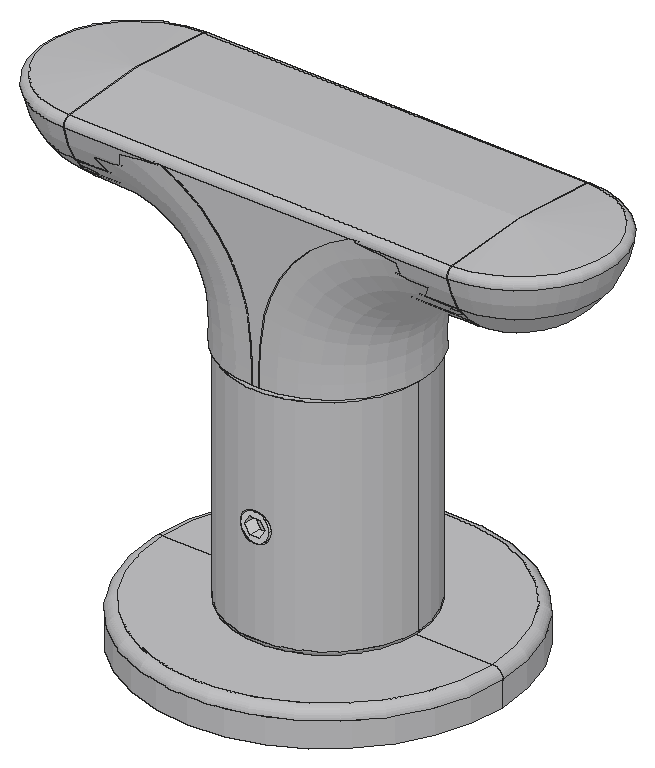
Revit family "Accessory-Robe_Hook-KALLISTA-Capsule-P34139_1", category Specialty Equipment, host Face, Revit 2021
Family settings
  Host = Face
  Round Connector Dimension = Use Diameter
  Part Type = Normal
  OmniClass Number = 23.31.25.27
  OmniClass Title = Robe Hooks
  Cut with Voids When Loaded = No
  Shared = No
  Room Calculation Point = No
Parameters (values of type "CP-Chrome")
  Width = 2 129/256"  # constant formula
  WaterSense Certified = 1 = 0  # no
  URL = "https://www.kallista.com/"
  Type = 1
  Product Page URL = ""
  Product Name = "Capsule"  # constant formula
  Product Documentation Link = ""
  Model = if(Type = 1, "P34139-00-CP", if(Type = 2, "P34139-00-SN", if(Type = 3, "P34139-00-BAF", if(Type = 4, "P34139-00-BL", if(Type = 5, "P34139-00-BN", "NA")))))  # "P34139-00-CP"
  Material = "Premium Metal Construction"  # constant formula
  Master Format 2014 Name = "Toilet, Bath, and Laundry Accessories"  # constant formula
  Master Format 2014 = "10 28 00"  # constant formula
  Manufacturer Address = "444 Highland Dr, Kohler, WI 53044"  # constant formula
  Manufacturer = "Kallista Co."  # constant formula
  Length = 3 41/256"  # constant formula
  Height = 1 31/32"  # constant formula
  Finish = Kallista-Metal-CP-Chrome
  Environmental Product Declaration = ""
  Description = "Capsule Hook"  # constant formula
  Default Elevation = 42"
  Declare Label = ""
  Date Modified = "08/31/2023"  # constant formula
  Date Created = "08/31/2023"  # constant formula
  Copyright = "Copyright Kallista Co."  # constant formula
  Contact Us = "https://www.kallista.com/corporate/contact-us/"
  Assembly Code = "C1030200"
  ADA Compliant = 1 = 0  # no
Types (6): name | Type | Model | Finish
  (no name) | 1 | "P34139-00-CP" | Kallista-Metal-CP-Chrome
  CP-Chrome | 1 | "P34139-00-CP" | Kallista-Metal-CP-Chrome
  SN-Polished Nickel | 2 | "P34139-00-SN" | Kallista-Metal-SN-Polished_Nickel
  BAF-Brushed French Gold | 3 | "P34139-00-BAF" | Kallista-Metal-BAF-Brushed_French_Gold
  BL-Matte Black | 4 | "P34139-00-BL" | Kalista-Metal-BL-Matte_Black
  BN-Brushed Nickel | 5 | "P34139-00-BN" | Kallista-Metal-BN-Brushed_Nickel
Reference planes (in)
  plane 1 "Center (Front/Back)": y = 0
  plane 2: z = 0
  plane 3 "Center (Left/Right)": x = 0
  plane 4: y = 0.98425
  plane 5: y = -0.9845
  plane 6: x = 1.58071
  plane 7: x = -1.57945
  plane 8: y = -0.50984
  plane 9: x = 0.98425
  plane 10: x = -0.98425
  plane 11: y = 0.50984
  plane 12: z = 0.19685
  plane 13: z = 2.50391
  plane 14: z = 2.46968
Dimensions and locks (in)
  "Length": plane 7 to plane 6
  "Height": plane 4 to plane 5
  plane 10 to plane 9 = 1.9685"
  plane 11 to plane 8 = 1.01969"  (x2)
  level to plane 12 = 0.19685"
  "Width": level to plane 13
  plane 4 to plane 5 = 1 31/32"
  level to plane 13 = 2 129/256"
  plane 12 to level = 0.19685"
  plane 7 to plane 6 = 3 41/256"
  aligned and locked: plane 2 to host face
  aligned and locked: level to host face
Automatic sketch dimensions
  host sketch curve to host sketch curve = 96"  (x2)
Nested families (in)
  nested 1: "P34139" at (0, 0, 0), type "P34139"
Definition of nested family "P34139"
  Parameters
    Material = none
    Default Elevation = 0"
  Reference planes (in)
    plane 1 "Center (Front/Back)": y = 0
    plane 2: z = 0
    plane 3 "Center (Left/Right)": x = 0
    plane 4: y = -0.98425
    plane 5: y = 0.98425
    plane 6: x = -0.98425
    plane 7: x = 0.98425
    plane 8: y = 0.50984
    plane 9: y = -0.50984
    plane 10: z = 2.50394
    plane 11: x = -0.50984
    plane 12: x = 0.50984
    plane 13: z = 0.19685
    plane 14: x = -1.58071
    plane 15: x = 1.58071
  Forms (in)
    Extrusion 1, solid, material <- "Material", detail levels medium+fine
      sketch origin (0, 0, 0) x (0, 1, 0) y (0, 0, 1)
        loop
          arc (-0.43105, 2.23132) -> (0, 1.99782) -> (0.43105, 2.23132) r 0.51461
          arc (0.43105, 2.23132) -> (0.47877, 2.32192) -> (0.50891, 2.41978) r 0.55101
          arc (0.50891, 2.41978) -> (0.5019, 2.45276) -> (0.47284, 2.46986) r 0.04182
          arc (0.47284, 2.46986) -> (-0.00057, 2.50394) -> (-0.47398, 2.46971) r 3.29782
          arc (-0.47398, 2.46971) -> (-0.50224, 2.45229) -> (-0.50891, 2.41978) r 0.04182
          arc (-0.50891, 2.41978) -> (-0.47877, 2.32192) -> (-0.43105, 2.23132) r 0.55101
      from -1.07904 to 1.07904
    Revolve 2, solid, material <- "Material", detail levels medium+fine
      sketch origin (0, 0, 0) x (1, 0, 0) y (0, 0, 1)
        loop
          line (0, 0) -> (0.98425, 0) -> (0.98425, 0.13849)
          arc (0.98425, 0.13849) -> (0.96716, 0.17976) -> (0.92589, 0.19685) r 0.05837
          line (0.92589, 0.19685) -> (0.49247, 0.19685)
          arc (0.49247, 0.19685) -> (0.50508, 0.20675) -> (0.50984, 0.22205) r 0.02696
          line (0.50984, 0.22205) -> (0.50984, 1.47625)
          arc (0.50984, 1.47625) -> (0.5038, 1.49084) -> (0.48921, 1.49688) r 0.02063
          line (0.48921, 1.49688) -> (0, 1.49688) -> (0, 0)
        axis (0, 0) -> (0, 1.49688)
      angle from 0 to 360
    Sweep 3, solid, material <- "Material", detail levels medium+fine
      path origin (-0.02461, 0, 0) x (1, 0, 0) y (0, 0, 1)
        loop
          spline (-0.50678, 1.4986) -> (-0.50601, 1.54782) -> (-0.50535, 1.6018) -> (-0.50724, 1.65869) -> (-0.51412, 1.71664) -> (-0.52843, 1.77383) -> (-0.55262, 1.8284) -> (-0.58914, 1.87851) -> (-0.64042, 1.92233) -> (-0.70892, 1.95801) -> (-0.79707, 1.98371) -> (-0.90733, 1.9976) -> (-1.04213, 1.99782)
      profile origin (-0.53138, 0, 1.4986) x (-1, 0, 0) y (0, -1, 0)
        loop
          line (-0.50937, 0.50984) -> (-0.50937, -0.50984)
          arc (-0.50937, -0.50984) -> (0.00047, 0) -> (-0.50937, 0.50984) r 0.50984
    Revolve 4, solid, material <- "Material", detail levels medium+fine
      sketch origin (1.07904, 0, 0) x (0, 1, 0) y (0, 0, 1)
        loop
          arc (0, 2.50394) -> (-0.23761, 2.49537) -> (-0.47398, 2.46971) r 3.29782
          arc (-0.47398, 2.46971) -> (-0.50224, 2.45229) -> (-0.50891, 2.41978) r 0.04182
          arc (-0.50891, 2.41978) -> (-0.47877, 2.32192) -> (-0.43105, 2.23132) r 0.55101
          arc (-0.43105, 2.23132) -> (-0.24512, 2.05994) -> (0, 1.99782) r 0.51461
          line (0, 1.99782) -> (0, 2.50394)
        axis (0, 2.50394) -> (0, 1.99782)
      angle from 360 to 180
    Revolve 5, solid, material <- "Material", detail levels medium+fine
      sketch origin (-1.07904, 0, 0) x (0, 1, 0) y (0, 0, -1)
        loop
          line (0, -2.50394) -> (0, -1.99782)
          arc (0, -1.99782) -> (-0.24512, -2.05994) -> (-0.43105, -2.23132) r 0.51461
          arc (-0.43105, -2.23132) -> (-0.47877, -2.32192) -> (-0.50891, -2.41978) r 0.55101
          arc (-0.50891, -2.41978) -> (-0.50224, -2.45229) -> (-0.47398, -2.46971) r 0.04182
          arc (-0.47398, -2.46971) -> (-0.23761, -2.49537) -> (0, -2.50394) r 3.29782
        axis (0, -2.50394) -> (0, -1.99782)
      angle from 360 to 180
    Sweep 6, solid, material <- "Material", detail levels medium+fine
      path origin (0.02461, 0, 0) x (-1, 0, 0) y (0, 0, -1)
        loop
          spline (-0.50678, -1.4986) -> (-0.50601, -1.54782) -> (-0.50535, -1.6018) -> (-0.50724, -1.65869) -> (-0.51412, -1.71664) -> (-0.52843, -1.77383) -> (-0.55262, -1.8284) -> (-0.58914, -1.87851) -> (-0.64042, -1.92233) -> (-0.70892, -1.95801) -> (-0.79707, -1.98371) -> (-0.90733, -1.9976) -> (-1.04213, -1.99782)
      profile origin (0.53138, 0, 1.4986) x (-1, 0, 0) y (0, -1, 0)
        loop
          arc (0.50937, 0.50984) -> (-0.00047, 0) -> (0.50937, -0.50984) r 0.50984
          line (0.50937, -0.50984) -> (0.50937, 0.50984)
    Extrusion 7, void
      sketch origin (0, 0, 0) x (1, 0, 0) y (0, 0, 1)
        loop
          line (-1.18884, 2.71637) -> (-1.18884, 2.42243) -> (1.25189, 2.42243) -> (1.25189, 2.71637) -> (-1.18884, 2.71637)
      from -1.01342 to 0.94216
    Extrusion 8, solid, material <- "Material", detail levels medium+fine
      sketch origin (0, 0, 0) x (1, 0, 0) y (0, 0, 1)
        loop
          line (-0.02201, 1.4986) -> (0.02201, 1.4986)
          spline (0.02201, 1.4986) -> (0.02165, 1.52377) -> (0.02083, 1.56576) -> (0.02073, 1.62142) -> (0.0234, 1.68949) -> (0.03133, 1.76916) -> (0.04842, 1.85997) -> (0.07902, 1.96094) -> (0.12766, 2.06801) -> (0.19834, 2.17559) -> (0.29115, 2.27512) -> (0.40173, 2.35836) -> (0.52389, 2.42243)
          line (0.52389, 2.42243) -> (-0.52389, 2.42243)
          spline (-0.52389, 2.42243) -> (-0.40173, 2.35836) -> (-0.29115, 2.27512) -> (-0.19834, 2.17559) -> (-0.12766, 2.06801) -> (-0.07902, 1.96094) -> (-0.04842, 1.85997) -> (-0.03133, 1.76916) -> (-0.0234, 1.68949) -> (-0.02073, 1.62142) -> (-0.02083, 1.56576) -> (-0.02165, 1.52377) -> (-0.02201, 1.4986)
      from -0.50984 to 0.50984
    Extrusion 9, solid, detail levels medium+fine
      sketch origin (0, 0, 0) x (1, 0, 0) y (0, 0, 1)
        loop
          line (0.02841, 0.83661) -> (-0.02841, 0.83661) -> (-0.05683, 0.7874) -> (-0.02841, 0.73819) -> (0.02841, 0.73819) -> (0.05683, 0.7874) -> (0.02841, 0.83661)
        loop
          arc (-0.07874, 0.7874) -> (-0.05568, 0.73172) -> (0, 0.70866) r 0.07874
          arc (0, 0.70866) -> (0.05568, 0.73172) -> (0.07874, 0.7874) r 0.07874
          arc (0.07874, 0.7874) -> (0.05568, 0.84308) -> (0, 0.86614) r 0.07874
          arc (0, 0.86614) -> (-0.05568, 0.84308) -> (-0.07874, 0.7874) r 0.07874
      from 0.40551 to 0.51052
    Blend 10, void
      base sketch origin (0, 0, 0) x (1, 0, 0) y (0, 0, 1)
        loop
          circle (0, 0.7874) r 0.10365
      top sketch origin (0, 0, 0) x (1, 0, 0) y (0, 0, 1)
        loop
          circle (0, 0.7874) r 0.08283
      from 0.44081 to 0.51941
    Revolve 11, solid, material <- "Material", detail levels coarse
      sketch origin (0, 0, 0) x (1, 0, 0) y (0, 0, 1)
        loop
          line (0, 2.45105) -> (-0.50984, 2.45105) -> (-0.50984, 0.19685) -> (-0.98425, 0.19685) -> (-0.98425, 0) -> (0, 0) -> (0, 2.45105)
        axis (0, 2.45105) -> (0, 0)
      angle from 0 to 360
    Extrusion 12, solid, material <- "Material", detail levels coarse
      sketch origin (0, 0, 0) x (1, 0, 0) y (0, 1, 0)
        loop
          line (1.06903, 0.50984) -> (-1.07245, 0.50984)
          arc (-1.07245, 0.50984) -> (-1.58229, 0) -> (-1.07245, -0.50984) r 0.50984
          line (-1.07245, -0.50984) -> (1.06903, -0.50984)
          arc (1.06903, -0.50984) -> (1.57888, 0) -> (1.06903, 0.50984) r 0.50984
      from 1.97274 to 2.49054
    Extrusion 13, solid, detail levels coarse
      sketch origin (0.00308, 0, -0.00308) x (1, 0, 0) y (0, 0, 1)
        loop
          circle (-0.00301, 0.79128) r 0.08352
      from 0.45401 to 0.50984
  Cuts and joins
    joined: Revolve 4, Revolve 5, Extrusion 8
    Extrusion 7 cuts Sweep 3
    Extrusion 7 cuts Sweep 6
    joined: Sweep 3, Sweep 6
    Blend 10 cuts Revolve 2
    joined: Revolve 11, Extrusion 12
  Lines and regions (in)
    Masking region 1
      outline origin (0, 0, 0) x (1, 0, 0) y (0, 1, 0)
        loop
          arc (-0.85961, -0.50984) -> (0, -0.98425) -> (0.85961, -0.50984) r 1.016
          line (0.85961, -0.50984) -> (1.07006, -0.50984)
          arc (1.07006, -0.50984) -> (1.5799, 0) -> (1.07006, 0.50984) r 0.50984
          line (1.07006, 0.50984) -> (0.85961, 0.50984)
          arc (0.85961, 0.50984) -> (0, 0.98425) -> (-0.85961, 0.50984) r 1.016
          line (-0.85961, 0.50984) -> (-1.07188, 0.50984)
          arc (-1.07188, 0.50984) -> (-1.58173, 0) -> (-1.07188, -0.50984) r 0.50984
          line (-1.07188, -0.50984) -> (-0.85961, -0.50984)
    Masking region 2
      outline origin (0, 0, 0) x (1, 0, 0) y (0, 0, 1)
        loop
          line (1.14192, 2.50394) -> (-1.14192, 2.50394)
          arc (-1.14192, 2.50394) -> (-1.27407, 2.49941) -> (-1.4056, 2.48585) r 1.93105
          arc (-1.4056, 2.48585) -> (-1.4736, 2.47713) -> (-1.54174, 2.46968) r 3.65358
          arc (-1.54174, 2.46968) -> (-1.57203, 2.45261) -> (-1.57994, 2.41876) r 0.04322
          arc (-1.57994, 2.41876) -> (-1.40342, 2.11783) -> (-1.07542, 1.99897) r 0.51392
          line (-1.07542, 1.99897) -> (-0.85338, 1.99897)
          arc (-0.85338, 1.99897) -> (-0.61046, 1.89835) -> (-0.50984, 1.65544) r 0.34353
          line (-0.50984, 1.65544) -> (-0.50984, 1.51651)
          arc (-0.50984, 1.51651) -> (-0.50405, 1.50253) -> (-0.49008, 1.49674) r 0.01977
          arc (-0.49008, 1.49674) -> (-0.50407, 1.49098) -> (-0.50984, 1.47705) r 0.01969
          line (-0.50984, 1.47705) -> (-0.50984, 0.22464)
          arc (-0.50984, 0.22464) -> (-0.50564, 0.20867) -> (-0.49412, 0.19685) r 0.03242
          line (-0.49412, 0.19685) -> (-0.92865, 0.19685)
          arc (-0.92865, 0.19685) -> (-0.96797, 0.18056) -> (-0.98425, 0.14124) r 0.05561
          line (-0.98425, 0.14124) -> (-0.98425, 0) -> (0.98425, 0) -> (0.98425, 0.14386)
          arc (0.98425, 0.14386) -> (0.96873, 0.18133) -> (0.93127, 0.19685) r 0.05299
          line (0.93127, 0.19685) -> (0.49412, 0.19685)
          arc (0.49412, 0.19685) -> (0.50564, 0.20867) -> (0.50984, 0.22464) r 0.03242
          line (0.50984, 0.22464) -> (0.50984, 1.47705)
          arc (0.50984, 1.47705) -> (0.50407, 1.49098) -> (0.49015, 1.49674) r 0.01969
          arc (0.49015, 1.49674) -> (0.50405, 1.50253) -> (0.50984, 1.51651) r 0.01977
          line (0.50984, 1.51651) -> (0.50984, 1.65544)
          arc (0.50984, 1.65544) -> (0.61046, 1.89835) -> (0.85338, 1.99897) r 0.34353
          line (0.85338, 1.99897) -> (1.07542, 1.99897)
          arc (1.07542, 1.99897) -> (1.40342, 2.11783) -> (1.57994, 2.41876) r 0.51392
          arc (1.57994, 2.41876) -> (1.57203, 2.45261) -> (1.54174, 2.46968) r 0.04322
          arc (1.54174, 2.46968) -> (1.4736, 2.47713) -> (1.4056, 2.48585) r 3.65358
          arc (1.4056, 2.48585) -> (1.27407, 2.49941) -> (1.14192, 2.50394) r 1.93105
    Masking region 3
      outline origin (0, 0, 0) x (0, 1, 0) y (0, 0, 1)
        loop
          arc (-0.5087, 2.41911) -> (-0.5022, 2.45237) -> (-0.47317, 2.46982) r 0.04171
          arc (-0.47317, 2.46982) -> (-0.34811, 2.48388) -> (-0.22278, 2.49513) r 5.61229
          arc (-0.22278, 2.49513) -> (0.00342, 2.50399) -> (0.22962, 2.49513) r 2.89125
          arc (0.22962, 2.49513) -> (0.34906, 2.48413) -> (0.46816, 2.46989) r 4.42546
          arc (0.46816, 2.46989) -> (0.49795, 2.45392) -> (0.50984, 2.42228) r 0.04803
          line (0.50984, 2.42228) -> (0.50984, 1.51666)
          arc (0.50984, 1.51666) -> (0.50405, 1.50266) -> (0.48989, 1.49687) r 0.01979
          arc (0.48989, 1.49687) -> (0.504, 1.49102) -> (0.50984, 1.47691) r 0.01996
          line (0.50984, 1.47691) -> (0.50984, 0.21702)
          arc (0.50984, 0.21702) -> (0.504, 0.20282) -> (0.48985, 0.19685) r 0.02017
          line (0.48985, 0.19685) -> (0.92596, 0.19685)
          arc (0.92596, 0.19685) -> (0.96718, 0.17978) -> (0.98425, 0.13856) r 0.05829
          line (0.98425, 0.13856) -> (0.98425, 0) -> (-0.98425, 0) -> (-0.98425, 0.13819)
          arc (-0.98425, 0.13819) -> (-0.96707, 0.17967) -> (-0.92559, 0.19685) r 0.05866
          line (-0.92559, 0.19685) -> (-0.4895, 0.19685)
          arc (-0.4895, 0.19685) -> (-0.50387, 0.20269) -> (-0.50984, 0.21702) r 0.02017
          line (-0.50984, 0.21702) -> (-0.50984, 1.47593)
          arc (-0.50984, 1.47593) -> (-0.50371, 1.49073) -> (-0.48891, 1.49687) r 0.02093
          arc (-0.48891, 1.49687) -> (-0.50392, 1.50279) -> (-0.50984, 1.51708) r 0.02021
          line (-0.50984, 1.51708) -> (-0.50984, 2.42435)
    symbolic lines, detail levels medium+fine
      curve 1: arc (1.07006, -0.47835, 0) -> (1.54841, 0, 0) -> (1.07006, 0.47835, 0) r 0.47835
      curve 2: arc (-1.07188, 0.47835, 0) -> (-1.55023, 0, 0) -> (-1.07188, -0.47835, 0) r 0.47835
      curve 3: line (0.96484, -0.50984, 0) -> (-0.98549, -0.50984, 0)
      curve 4: line (0.96149, 0.50984, 0) -> (-0.96575, 0.50984, 0)
      curve 5: line (1.07006, 0.47835, 0) -> (-1.07188, 0.47835, 0)
      curve 6: line (1.07006, -0.47835, 0) -> (-1.07188, -0.47835, 0)
      curve 7: arc (0.77288, 0.50984, 0) -> (0.0033, 0.91865, 0) -> (-0.76628, 0.50984, 0) r 0.92877
      curve 8: arc (0.78617, -0.50984, 0) -> (0.0033, -0.92005, 0) -> (-0.77957, -0.50984, 0) r 0.95214
      curve 9: line (1.07006, -0.47835, 0) -> (1.07006, 0.47835, 0)
      curve 10: line (-1.07188, -0.47835, 0) -> (-1.07188, 0.47835, 0)
      curve 11: line (0.49015, 0, 1.49674) -> (-0.49008, 0, 1.49674)
      curve 12: line (0.49412, 0, 0.19685) -> (-0.49412, 0, 0.19685)
      curve 13: line (0.50984, 0, 0.22464) -> (-0.50984, 0, 0.22464)
      curve 14: line (0.98425, 0, 0.13771) -> (-0.98425, 0, 0.13771)
      curve 15: line (0.50984, 0, 1.51651) -> (-0.50984, 0, 1.51651)
      curve 16: line (0.50984, 0, 1.47705) -> (-0.50984, 0, 1.47705)
      curve 17: line (1.57994, 0, 2.41876) -> (-1.57994, 0, 2.41876)
      curve 18: line (1.54174, 0, 2.46968) -> (-1.54174, 0, 2.46968)
      curve 19: line (0, 0.98425, 0.13856) -> (0, -0.98425, 0.13856)
      curve 20: line (0, 0.48985, 0.19685) -> (0, -0.4895, 0.19685)
      curve 21: line (0, 0.50984, 0.21702) -> (0, -0.50984, 0.21702)
      curve 22: line (0, 0.49005, 1.49687) -> (0, -0.48963, 1.49687)
      curve 23: line (0, 0.50984, 1.51666) -> (0, -0.51058, 1.51666)
      curve 24: line (0, 0.50984, 1.47691) -> (0, -0.50984, 1.47691)
      curve 25: arc (0, 0.43795, 2.23992) -> (0, 0.0016, 1.99782) -> (0, -0.43475, 2.23992) r 0.51427
      curve 26: arc (0, -0.43475, 2.23992) -> (0, -0.48021, 2.32892) -> (0, -0.50988, 2.42435) r 0.5856
      curve 27: arc (0, 0.50833, 2.42435) -> (0, 0.48207, 2.32873) -> (0, 0.43795, 2.23992) r 0.51427
      curve 28: line (0, 0.50833, 2.42435) -> (0, -0.50988, 2.42435)
      curve 29: line (0, 0.46816, 2.46989) -> (0, -0.47306, 2.46989)
  Dimensions and locks (in)
    plane 6 to plane 7 = 1.9685"
    plane 4 to plane 5 = 1.9685"
    plane 9 to plane 8 = 1.01969"
    level to plane 10 = 2.50394"
    plane 12 to plane 11 = 1.01969"
    level to plane 13 = 0.19685"
    plane 10 to level = 2.50394"
    plane 5 to plane 4 = 1.9685"
    plane 13 to level = 0.19685"
    plane 8 to plane 9 = 1.01969"
    plane 14 to plane 15 = 3.16142"
    aligned and locked: plane 2 to level
